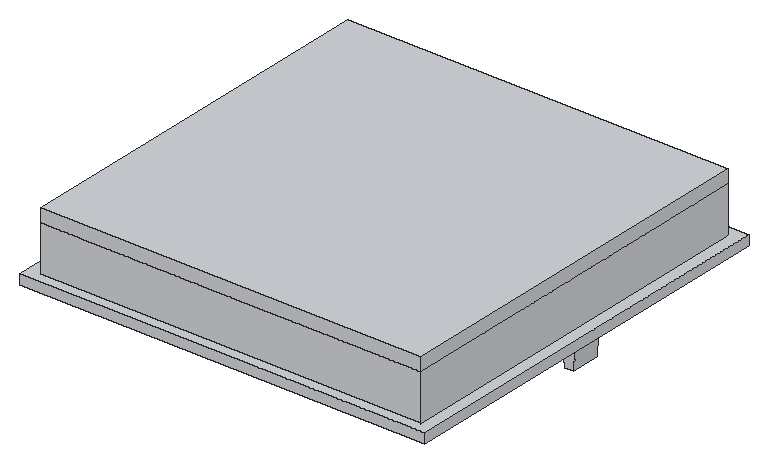
Revit family "Gira_067665", category Electrical Fixtures, host Face, Revit 2017
Family settings
  Host = Face
  Maintain Annotation Orientation = No
  Round Connector Dimension = Use Diameter
  Part Type = Normal
  Cut with Voids When Loaded = No
  Shared = No
  Room Calculation Point = No
Parameters (values of type "Wippe BSF Gira TX_44 (WG UP) F Alu")
  Werkstoffgüte = "sonstige"
  Werkstoff = "Kunststoff"
  Verwendung = "Schalter/Taster"
  URL = "http://katalog.gira.de/de_DE/datenblatt.html?artikelnr=067665"
  Region = "DE"
  Oberfläche = "sonstige"
  Name = "Wippe BSF Gira TX_44 (WG UP) F Alu"
  Mit austauschbarer Linse/Symbol = "No"
  Mit Beschriftungsfeld = "Yes"
  Manufacturer URL = "https://www.gira.de/"
  Kontrollfenster/Lichtauslass = "No"
  Keynote = "TX44_Abdeckung_Schalten und Tasten"
  HeinzeBIM = "https://bimportal.heinze.de/bim/wippe-bsf-gira-tx-44-wg-up-f-alu/7549c26589b838824af40d59ec0e4299d2f08d32"
  Halogenfrei = "Yes"
  HAN = "067665"
  Geeignet für Schutzart (IP) = "IP44"
  Geeignet für Bussystem-Tasterankopplung = "No"
  GTIN = "4010337676652"
  Farbe = "aluminium"
  Default Elevation = 1219.2 mm
  Data sheet (1) = "https://katalog.gira.de/de_DE/download.html?artikelnr=067665"
  Category = "Abdeckung/Bedienelement für Installationsschalterprogramme"
  Befestigungsart = "Klemmbefestigung"
  Available = "Yes"
  Ausführung = "einteilige Wippe"
  Aufdruck/Kennzeichnung = "ohne Aufdruck"
  Abtastbares Symbol/barrierefrei = "No"
Reference planes
  plane 1 "Center (Front/Back)": y = 0
  plane 2: z = 0
  plane 3 "Center (Left/Right)": x = 0
Forms (mm)
  Extrusion 1, solid, detail levels fine
    sketch origin (0, 0, 0) x (1, 0, 0) y (0, 1, 0)
      loop
        line (34.85, 34.85) -> (-34.85, 34.85) -> (-34.85, -34.85) -> (34.85, -34.85) -> (34.85, 34.85)
      loop
        line (-31.45, 31.8) -> (-31.45, -31.8) -> (31.45, -31.8) -> (31.45, 31.8) -> (-31.45, 31.8)
    from 0 to 1.7
  Extrusion 2, solid, detail levels fine
    sketch origin (0, 0, 0) x (1, 0, 0) y (0, 1, 0)
      loop
        line (32.8, 33.05) -> (-32.8, 33.05) -> (-32.8, -33.05) -> (32.8, -33.05) -> (32.8, 33.05)
      loop
        line (-31.45, 31.8) -> (-31.45, -31.8) -> (31.45, -31.8) -> (31.45, 31.8) -> (-31.45, 31.8)
    from 1.566 to 9.515
  Extrusion 3, solid, detail levels fine
    sketch origin (0, 0, 0) x (1, 0, 0) y (0, 1, 0)
      loop
        line (32.8, 33.05) -> (-32.8, 33.05) -> (-32.8, -33.05) -> (32.8, -33.05) -> (32.8, 33.05)
    from 9.515 to 11.816
  Extrusion 4, solid, detail levels fine
    sketch origin (0, 0, 0) x (1, 0, 0) y (0, 0, 1)
      loop
        line (-32.815, 0) -> (-34.827, 0) -> (-34.611, -3.084) -> (-33.031, -3.084) -> (-32.815, 0)
      loop
        line (32.815, 0) -> (33.031, -3.084) -> (34.611, -3.084) -> (34.827, 0) -> (32.815, 0)
    from -2.513 to 2.5
  Extrusion 5, solid, detail levels fine
    sketch origin (0, 0, 0) x (1, 0, 0) y (0, 1, 0)
      loop
        spline (-23.686, 23.152) -> (-23.856, 23.114) -> (-24.022, 23.062) -> (-24.184, 22.995) -> (-24.338, 22.915) -> (-24.486, 22.821) -> (-24.624, 22.715) -> (-24.753, 22.597) -> (-24.87, 22.468) -> (-24.977, 22.33) -> (-25.07, 22.183) -> (-25.151, 22.028) -> (-25.218, 21.867)
        line (-25.218, 21.867) -> (-29.35, 10.513) -> (-29.35, -10.487) -> (-25.218, -21.841)
        spline (-25.218, -21.841) -> (-25.151, -22.002) -> (-25.07, -22.156) -> (-24.977, -22.304) -> (-24.87, -22.442) -> (-24.753, -22.571) -> (-24.624, -22.688) -> (-24.486, -22.795) -> (-24.338, -22.888) -> (-24.184, -22.969) -> (-24.022, -23.036) -> (-23.856, -23.088) -> (-23.686, -23.126)
        line (-23.686, -23.126) -> (0, -27.302) -> (23.686, -23.126)
        spline (23.686, -23.126) -> (23.856, -23.088) -> (24.022, -23.036) -> (24.184, -22.969) -> (24.338, -22.888) -> (24.486, -22.795) -> (24.624, -22.688) -> (24.753, -22.571) -> (24.87, -22.442) -> (24.977, -22.304) -> (25.07, -22.156) -> (25.151, -22.002) -> (25.218, -21.841)
        line (25.218, -21.841) -> (29.35, -10.487) -> (29.35, 10.513) -> (25.218, 21.867)
        spline (25.218, 21.867) -> (25.151, 22.028) -> (25.07, 22.183) -> (24.977, 22.33) -> (24.87, 22.468) -> (24.753, 22.597) -> (24.624, 22.715) -> (24.486, 22.821) -> (24.338, 22.915) -> (24.184, 22.995) -> (24.022, 23.062) -> (23.856, 23.114) -> (23.686, 23.152)
        line (23.686, 23.152) -> (0, 27.328) -> (-23.686, 23.152)
      loop
        line (-24.278, 21.525) -> (-28.35, 10.337) -> (-28.35, -10.311) -> (-24.278, -21.498)
        spline (-24.278, -21.498) -> (-24.245, -21.579) -> (-24.204, -21.656) -> (-24.157, -21.73) -> (-24.104, -21.799) -> (-24.045, -21.863) -> (-23.981, -21.922) -> (-23.912, -21.976) -> (-23.838, -22.022) -> (-23.761, -22.063) -> (-23.68, -22.096) -> (-23.597, -22.122) -> (-23.512, -22.141)
        line (-23.512, -22.141) -> (0, -26.287) -> (23.512, -22.141)
        spline (23.512, -22.141) -> (23.597, -22.122) -> (23.68, -22.096) -> (23.761, -22.063) -> (23.838, -22.022) -> (23.912, -21.976) -> (23.981, -21.922) -> (24.045, -21.863) -> (24.104, -21.799) -> (24.157, -21.73) -> (24.204, -21.656) -> (24.245, -21.579) -> (24.278, -21.498)
        line (24.278, -21.498) -> (28.35, -10.311) -> (28.35, 10.337) -> (24.278, 21.525)
        spline (24.278, 21.525) -> (24.245, 21.605) -> (24.204, 21.683) -> (24.157, 21.756) -> (24.104, 21.825) -> (24.045, 21.89) -> (23.981, 21.949) -> (23.912, 22.002) -> (23.838, 22.048) -> (23.761, 22.089) -> (23.68, 22.122) -> (23.597, 22.148) -> (23.512, 22.167)
        line (23.512, 22.167) -> (0, 26.313) -> (-23.512, 22.167)
        spline (-23.512, 22.167) -> (-23.597, 22.148) -> (-23.68, 22.122) -> (-23.761, 22.089) -> (-23.838, 22.048) -> (-23.912, 22.002) -> (-23.981, 21.949) -> (-24.045, 21.89) -> (-24.104, 21.825) -> (-24.157, 21.756) -> (-24.204, 21.683) -> (-24.245, 21.605) -> (-24.278, 21.525)
    from 4.866 to 9.515
  Extrusion 6, solid, detail levels fine
    sketch origin (0, 0, 0) x (1, 0, 0) y (0, 1, 0)
      loop
        arc (0, 8.51) -> (-1.055, 8.223) -> (-1.717, 7.352) r 1.7
        line (-1.717, 7.352) -> (-2.205, 5.894) -> (-2.205, 4.213) -> (-4.36, 4.213)
        arc (-4.36, 4.213) -> (-4.865, 4.091) -> (-5.257, 3.75) r 1.1
        arc (-5.257, 3.75) -> (-6.02, 2.328) -> (-6.406, 0.761) r 6.45
        arc (-6.406, 0.761) -> (-6.7, 0.013) -> (-6.406, -0.735) r 1.1
        arc (-6.406, -0.735) -> (-6.02, -2.302) -> (-5.257, -3.724) r 6.45
        arc (-5.257, -3.724) -> (-4.865, -4.064) -> (-4.36, -4.187) r 1.1
        line (-4.36, -4.187) -> (-2.1, -4.187) -> (-2.1, -5.243)
        arc (-2.1, -5.243) -> (-1.847, -5.944) -> (-1.206, -6.323) r 1.1
        arc (-1.206, -6.323) -> (0, -6.437) -> (1.206, -6.323) r 6.45
        arc (1.206, -6.323) -> (1.847, -5.944) -> (2.1, -5.243) r 1.1
        line (2.1, -5.243) -> (2.1, -4.187) -> (4.36, -4.187)
        arc (4.36, -4.187) -> (4.865, -4.064) -> (5.257, -3.724) r 1.1
        arc (5.257, -3.724) -> (6.02, -2.302) -> (6.406, -0.735) r 6.45
        arc (6.406, -0.735) -> (6.7, 0.013) -> (6.406, 0.761) r 1.1
        arc (6.406, 0.761) -> (6.02, 2.328) -> (5.257, 3.75) r 6.45
        arc (5.257, 3.75) -> (4.865, 4.091) -> (4.36, 4.213) r 1.1
        line (4.36, 4.213) -> (2.205, 4.213) -> (2.205, 5.894) -> (1.717, 7.352)
        arc (1.717, 7.352) -> (1.055, 8.223) -> (0, 8.51) r 1.7
    from -6.834 to 9.515
  Extrusion 7, solid, detail levels coarse
    sketch origin (0, 0, 0) x (1, 0, 0) y (0, 1, 0)
      loop
        line (34.85, 34.85) -> (-34.85, 34.85) -> (-34.85, -34.85) -> (34.85, -34.85) -> (34.85, 34.85)
    from -6.834 to 11.816
  Extrusion 8, solid, detail levels medium
    sketch origin (0, 0, 0) x (1, 0, 0) y (0, 1, 0)
      loop
        line (32.8, 33.05) -> (-32.8, 33.05) -> (-32.8, -33.05) -> (32.8, -33.05) -> (32.8, 33.05)
    from 1.566 to 11.816
  Extrusion 9, solid, detail levels medium
    sketch origin (0, 0, 0) x (1, 0, 0) y (0, 1, 0)
      loop
        line (34.85, 34.85) -> (-34.85, 34.85) -> (-34.85, -34.85) -> (34.85, -34.85) -> (34.85, 34.85)
    from 0 to 1.7
  Extrusion 10, solid, detail levels medium
    sketch origin (0, 0, 0) x (1, 0, 0) y (0, 1, 0)
      loop
        circle (0, 1.036) r 7.473
    from -6.834 to 9.515
  Extrusion 11, solid, detail levels medium
    sketch origin (0, 0, 0) x (1, 0, 0) y (0, 0, 1)
      loop
        line (-32.815, -3.084) -> (-32.815, 0) -> (-34.827, 0) -> (-34.827, -3.084) -> (-32.815, -3.084)
      loop
        line (32.815, -3.084) -> (34.827, -3.084) -> (34.827, 0) -> (32.815, 0) -> (32.815, -3.084)
    from -2.513 to 2.5
Dimensions and locks
  aligned and locked: plane 2 to host face
  aligned and locked: level to host face
